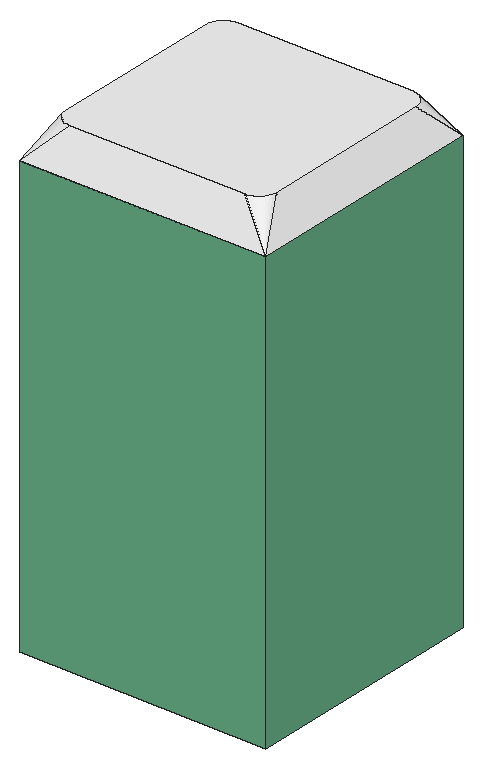
Revit family "M_Banheiro portátil", category Terreno, Revit 2019
Family settings
  Cota do conector redondo = Utilizar diâmetro
  Tipo de parte = Normal
  ID de item do Seek = Porta-John-0000-CAN-ENU
  Com base no plano de trabalho = Não
  Sempre na vertical = Sim
  Corte com vazios quando carregada = Não
  Compartilhado = Não
Parameters (values of type "Banheiro portátil")
  Linear = 1050 mm
  Largura = 1050 mm
Reference planes
  plane 1 "Centro (Frente/Trás)": y = 6.318
  plane 2: z = 0
  plane 3 "Centro (Esquerda/Direita)": x = 12.166
  plane 4: y = 531.318
  plane 5: x = 537.166
  plane 6: y = -518.682
  plane 7: x = -512.834
  plane 8: z = 2032
  plane 9: z = 1879.6
Forms (mm)
  Extrusion 1, solid, material "Plástico - Verde"
    sketch origin (0, 0, 0) x (1, 0, 0) y (0, 1, 0)
      loop
        line (-512.834, 531.318) -> (-512.834, -518.682) -> (537.166, -518.682) -> (537.166, 531.318) -> (-512.834, 531.318)
    from 0 to 1879.6
  Blend 2, solid, material "Plástico, Branco Opaco"
    base sketch origin (0, 0, 0) x (1, 0, 0) y (0, 1, 0)
      loop
        line (-512.834, 531.318) -> (-512.834, -518.682) -> (537.166, -518.682) -> (537.166, 531.318) -> (-512.834, 531.318)
    top sketch origin (0, 0, 0) x (1, 0, 0) y (0, 1, 0)
      loop
        arc (-360.434, 455.118) -> (-414.315, 432.8) -> (-436.634, 378.918) r 76.2
        line (-436.634, 378.918) -> (-436.634, -366.282)
        arc (-436.634, -366.282) -> (-414.315, -420.164) -> (-360.434, -442.482) r 76.2
        line (-360.434, -442.482) -> (384.766, -442.482)
        arc (384.766, -442.482) -> (438.648, -420.164) -> (460.966, -366.282) r 76.2
        line (460.966, -366.282) -> (460.966, 378.918)
        arc (460.966, 378.918) -> (438.648, 432.8) -> (384.766, 455.118) r 76.2
        line (384.766, 455.118) -> (-360.434, 455.118)
    from 1879.6 to 2032
Lines and regions (mm)
  Split face 1
    outline origin (-512.834, -518.682, 1879.6) x (0, 0, -1) y (1, 0, 0)
      loop
        line (1854.2, 203.2) -> (1854.2, 863.6) -> (250.478, 863.6)
        arc (250.478, 863.6) -> (142.715, 818.963) -> (98.078, 711.2) r 152.4
        line (98.078, 711.2) -> (98.078, 355.6)
        arc (98.078, 355.6) -> (142.715, 247.837) -> (250.478, 203.2) r 152.4
        line (250.478, 203.2) -> (1854.2, 203.2)
  Split face 2
    outline origin (-512.834, -518.682, 1879.6) x (0, 0, -1) y (1, 0, 0)
      loop
        line (1816.1, 241.3) -> (1816.1, 825.5) -> (260.35, 825.5)
        arc (260.35, 825.5) -> (175.038, 790.162) -> (139.7, 704.85) r 120.65
        line (139.7, 704.85) -> (139.7, 361.95)
        arc (139.7, 361.95) -> (175.038, 276.638) -> (260.35, 241.3) r 120.65
        line (260.35, 241.3) -> (1816.1, 241.3)
  model lines, style "Logística"
    curve 1: line (-284.234, -1111.482, 0) -> (-284.234, -518.682, 0)
    curve 2: arc (-284.234, -1111.482, 0) -> (134.939, -937.855, 0) -> (308.566, -518.682, 0) r 592.8
Dimensions and locks
  "Largura": plane 7 to plane 5
  equal spacing: plane 7, plane 3 "Centro (Esquerda/Direita)", plane 5
  equal spacing: plane 6, plane 1 "Centro (Frente/Trás)", plane 4
  "Linear": plane 6 to plane 4
  locked: plane 8 to plane 2 at 2032
  locked: plane 8 to plane 9 at 152.4
  aligned and locked: plane 7 to Extrusion 1 sketch curve
  aligned and locked: plane 6 to Extrusion 1 sketch curve
  aligned and locked: plane 5 to Extrusion 1 sketch curve
  aligned and locked: plane 4 to Extrusion 1 sketch curve
  aligned and locked: Extrusion 1 to plane 9
  aligned and locked: Blend 2 sketch curve to Extrusion 1  (x3)
  aligned and locked: Extrusion 1 to Blend 2 sketch curve
  aligned and locked: Blend 2 to plane 8
  aligned and locked: Blend 2 to Extrusion 1
Automatic sketch dimensions
  Blend 2 sketch curve to plane 7 = 76.2 mm
  Blend 2 sketch curve to Blend 2 sketch curve = 76.2 mm  (x2)
  Blend 2 sketch curve to plane 6 = 76.2 mm
  plane 5 to Blend 2 sketch curve = 152.4 mm  (x2)
  plane 5 to Blend 2 sketch curve = 76.2 mm
  plane 4 to Blend 2 sketch curve = 152.4 mm
  Split face 1 sketch curve to Extrusion 1 = 98.078 mm
  Split face 1 sketch curve to Split face 1 sketch curve = 152.4 mm  (x2)
  Split face 1 sketch curve to Extrusion 1 = 25.4 mm
  Split face 1 sketch curve to Extrusion 1 = 203.2 mm
  Split face 1 sketch curve to Split face 1 sketch curve = 355.6 mm
  Split face 2 sketch curve to Extrusion 1 = 139.7 mm
  Split face 2 sketch curve to Split face 2 sketch curve = 120.65 mm  (x2)
  Split face 2 sketch curve to Extrusion 1 = 63.5 mm
  Split face 2 sketch curve to Extrusion 1 = 241.3 mm
  Split face 2 sketch curve to Split face 2 sketch curve = 342.9 mm
  curve 1 to plane 6 = 0 mm
  curve 2 to plane 6 = 0 mm
  curve 1 to plane 7 = 228.6 mm
  plane 5 to curve 2 = 228.6 mm
